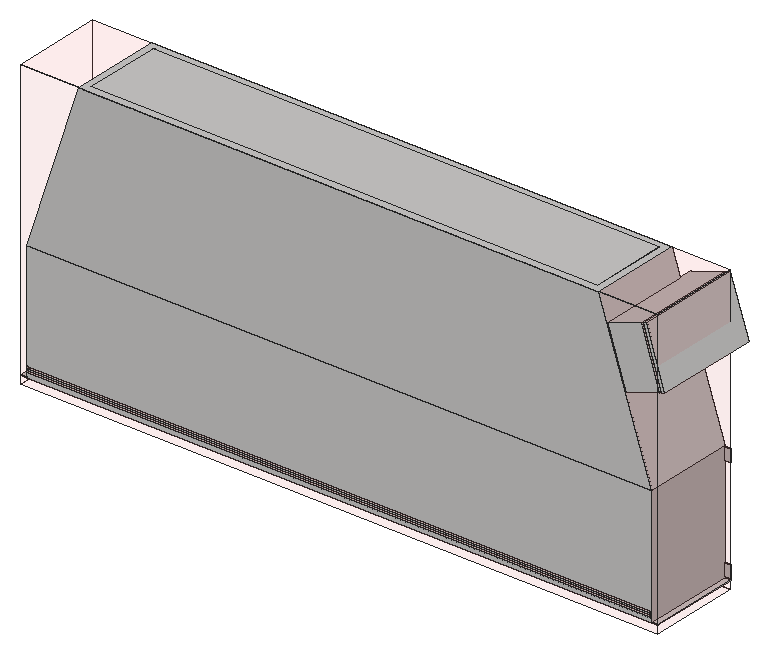
Revit family "Air-Curtain_Climate-Control_PoweredAire_TGD", category Mechanical Equipment, host Face, Revit 2018
Family settings
  Host = Face
  Round Connector Dimension = Use Diameter
  Part Type = Normal
  OmniClass Number = 23.75.35.17.21
  OmniClass Title = Air Curtains
  Cut with Voids When Loaded = No
  Shared = No
  Room Calculation Point = No
Parameters (values of type "144'' Nozzle")
  upperrotation [instance] = 0.00°
  lowerrotation [instance] = 0.00°
  locateupperpipe [instance] = 0' - 0"
  locatelowerpipe [instance] = 0' - 0"
  Warranty Duration (Years) = 0
  Unit Width Notes = "Other Widths available."  # constant formula
  Unit Width = 12' - 3 7/32"
  Unit Weight = 860
  Unit Height = 1' - 9"
  Unit Depth = 2' - 3 1/4"
  URL = "http://www.poweredaire.com/"
  Test Data = ""
  Standards Conformance = "Made in USA"
  Specification = "http://www.arcat.com/sdspecs/htm04/23_34_33pai.htm"
  SpecWizard = ""
  Sound Pressure = ">63 dBA"
  Sales Information = "http://www.poweredaire.com/contact_us"
  Revision = "R1_2016-08"
  Projection from Host [instance] = 0' - 2"
  Product Properties = ""
  Product Data = "http://www.arcat.com/arcatcos/cos47/arc47623.html"
  Power Rating = 0 W
  Piping_Water Flow [instance] = 0 GPM
  Piping_Operating Pressure [instance] = 0.00 psi
  Piping_Exit Temperature [instance] = 0 °F
  Piping_Entry Temperature [instance] = 0 °F
  Pipe OD [instance] = 5/8"
  Overall Depth = 5' - 4 1/4"
  Nozzle Width = if(1 = 1, Unit Width - 0' 3", 0' 0")  # 12' - 0 7/32"
  Mounting Width = if(1 = 1, Unit Width - 0' 1 1/2", 0' 0")  # 12' - 1 23/32"
  Mounting Height [instance] = 3' - 6"
  Motor RPM = 1630
  Motor HP = 0.75
  Motor Count = 4
  Model = "TDG-4-144"
  Max Height = 12' - 0"
  Manufacturer Website = "http://www.poweredaire.com/"
  Manufacturer Phone - Toll Free = "888-321-2473"
  Manufacturer Phone = "724-588-3305"
  Manufacturer Fax = "724-588-3371"
  Manufacturer Address = "109 Mortensen Rd.  Greenville, PA 16125"
  Manufacturer = "Powered Aire, Inc"
  Maintenance Schedule (Months) = 0
  Keynote = "23 34 33"
  Intake Width = 10' - 0"
  Installation-Fabrication = ""
  Installation Phase = ""
  Include Clearance [instance] = yes
  Heating Element Load = 0 W
  Filter Weight = 0
  Front Grating Material [instance] = Metal - Steel - PoweredAire - Stainless 304 Perforated
  HVAC_Temperature Rise = 105 °F
  HVAC_Primary CFM = 0 CFM
  HVAC_Outlet Volume = 10200 CFM
  HVAC_Outlet Velocity Uniformity = 0.95
  HVAC_Outlet Velocity = 3700 FPM
  HVAC_Exit Temperature [instance] = 0 °F
  HVAC_BTU Output = 1153000.0 Btu/h
  HVAC_BTU Input = 0.0 Btu/h
  Green Building-LEED = "http://www.arcat.com/green/clients/leed_data_47623.html"
  Gas Connection Diameter [instance] = 0"
  Frame Finish [instance] = Metal - Steel - PoweredAire - Stainless 304
  Expected Lifespan (Years) = 0
  Exhaust Connection Diameter = 0' - 5"
  Electrical_Wattage [instance] = Power Rating + Heating Element Load  # 0 W
  Electrical_Voltage [instance] = 0 V
  Electrical_Phase [instance] = 1
  Electrical_Frequency [instance] = 0 Hz
  Electrical_Amperage [instance] = 0 A
  Drawn By = "Sumex Design, Inc. / Robert S. Weygant, CSI, CDT, SCIP"
  Description = "Powered Aire Direct Gas Heated Climate Control Air Curtain - TDG-4-144 as Specified"
  Default Elevation = 0' - 0"  # constant formula
  Copyright = "©Arcat Inc."
  Construction Details = "http://www.arcat.com/details/powair/prod3336.html"
  Clearance_Top [instance] = 0' - 0"
  Clearance_Side B [instance] = 0' - 0"
  Clearance_Side A [instance] = 0' - 0"
  Clearance_Intake [instance] = 0' - 0"
  Clearance_Bottom [instance] = 0' - 0"
  Clearance Material [instance] = ARCAT Clearance
  Building Codes = ""
  Available Options [instance] = "as Specified"
  Assembly Code = "D3090400"
Types (7): name | Unit Width | Unit Weight | Nozzle Width | Mounting Width | Motor Count | Model | Intake Width | HVAC_Outlet Volume | HVAC_Outlet Velocity Uniformity | HVAC_Outlet Velocity | HVAC_BTU Output | Description
  144'' Nozzle | 12' - 3 7/32" | 860 | 12' - 0 7/32" | 12' - 1 23/32" | 4 | "TDG-4-144" | 10' - 0" | 10200 CFM | 0.95 | 3700 FPM | 1153000.0 Btu/h | "Powered Aire Direct Gas Heated Climate Control Air Curtain - TDG-4-144 as Specified"
  132'' Nozzle | 11' - 3 5/32" | 780 | 11' - 0 5/32" | 11' - 1 21/32" | 3 | "TDG-3-132" | 8' - 0" | 7600 CFM | 0.94 | 2800 FPM | 861000.0 Btu/h | "Powered Aire Direct Gas Heated Climate Control Air Curtain - TDG-3-132 as Specified"
  120'' Nozzle | 10' - 3 5/32" | 760 | 10' - 0 5/32" | 10' - 1 21/32" | 3 | "TDG-3-120" | 8' - 0" | 7600 CFM | 0.95 | 3200 FPM | 864000.0 Btu/h | "Powered Aire Direct Gas Heated Climate Control Air Curtain - TDG-3-120 as Specified"
  108'' Nozzle | 9' - 3 5/32" | 660 | 9' - 0 5/32" | 9' - 1 21/32" | 3 | "TDG-3-108" | 8' - 0" | 7600 CFM | 0.92 | 3700 FPM | 865000.0 Btu/h | "Powered Aire Direct Gas Heated Climate Control Air Curtain - TDG-3-108 as Specified"
  96'' Nozzle | 8' - 3 1/16" | 600 | 8' - 0 1/16" | 8' - 1 9/16" | 2 | "TDG-2-96" | 6' - 1" | 5100 CFM | 0.92 | 2800 FPM | 576000.0 Btu/h | "Powered Aire Direct Gas Heated Climate Control Air Curtain - TDG-2-96 as Specified"
  84'' Nozzle | 7' - 3 1/16" | 550 | 7' - 0 1/16" | 7' - 1 9/16" | 2 | "TDG-2-84" | 6' - 1" | 5100 CFM | 0.93 | 3200 FPM | 574000.0 Btu/h | "Powered Aire Direct Gas Heated Climate Control Air Curtain - TDG-2-84 as Specified"
  72'' Nozzle | 6' - 3 1/16" | 500 | 6' - 0 1/16" | 6' - 1 9/16" | 2 | "TDG-2-72" | 6' - 1" | 5100 CFM | 0.95 | 3700 FPM | 576000.0 Btu/h | "Powered Aire Direct Gas Heated Climate Control Air Curtain - TDG-2-72 as Specified"
Reference planes (in)
  plane 1 "Center (Elevation)": y = 0.13818
  plane 2: z = 0
  plane 3 "Center (Left/Right)": x = 0
  plane 4 "Top": y = 10.63818
  plane 5: y = -10.36182
  plane 6: x = -73.60937
  plane 7: x = 73.60938
  plane 8 "Front": z = 29.25
  plane 9 "FF": y = -41.86182
  plane 10: z = 2
  plane 11: x = 72.10938
  plane 12: x = -72.10937
  plane 13: y = 10.63818
  plane 14: y = -10.36182
  plane 15: x = -73.60937
  plane 16: x = 73.60938
  plane 17: z = 66.25
  plane 18: x = 72.04688
  plane 19: x = -72.04687
  plane 20: x = 72.10938
  plane 21: x = 72.10938
  plane 22: y = 8.13818
  plane 23: y = -7.86182
  plane 24: z = 66.25
  plane 25: x = -60
  plane 26: x = 60
Forms (in)
  Extrusion 1, solid, material "Metal - Steel - PoweredAire - Stainless 304" <- "Frame Finish"
    sketch origin (0, 0, 0) x (0, 1, 0) y (0, 0, 1)
      loop
        line (-10.36182, 2) -> (10.63818, 2) -> (10.63818, 29.25) -> (-10.36182, 29.25) -> (-10.36182, 2)
    from -72.10938 to 72.10938
  Extrusion 2, solid, material "ARCAT Clearance" <- "Clearance Material", visible <- "Include Clearance"
    sketch origin (0, 0, 0) x (0, 1, 0) y (0, 0, 1)
      loop
        line (-10.36182, 66.25) -> (-10.36182, 0) -> (10.63818, 0) -> (10.63818, 66.25) -> (-10.36182, 66.25)
    from -73.60937 to 73.60937
  Extrusion 3, solid, material "Metal - Steel - PoweredAire - Stainless 304" <- "Frame Finish"
    sketch origin (-15.17702, -180, 2) x (-1, 0, 0) y (0, -1, 0)
      loop
        line (-87.2864, -190.63818) -> (-87.2864, -169.63818) -> (-88.7864, -169.63818) -> (-88.7864, -190.63818) -> (-87.2864, -190.63818)
      loop
        line (56.93235, -190.63818) -> (58.43235, -190.63818) -> (58.43235, -169.63818) -> (56.93235, -169.63818) -> (56.93235, -190.63818)
    from 0 to 0.125
  Extrusion 4, solid, material "Metal - Steel - PoweredAire - Stainless 304" <- "Frame Finish"
    sketch origin (-11.83813, 10.63818, 48) x (-1, 0, 0) y (0, 0, 1)
      loop
        line (-83.9475, -45.5) -> (-83.9475, -42.75) -> (-85.4475, -42.75) -> (-85.4475, -45.5) -> (-83.9475, -45.5)
      loop
        line (-83.9475, -21.5) -> (-83.9475, -18.75) -> (-85.4475, -18.75) -> (-85.4475, -21.5) -> (-83.9475, -21.5)
      loop
        line (60.27125, -45.5) -> (61.77125, -45.5) -> (61.77125, -42.75) -> (60.27125, -42.75) -> (60.27125, -45.5)
      loop
        line (60.27125, -21.5) -> (61.77125, -21.5) -> (61.77125, -18.75) -> (60.27125, -18.75) -> (60.27125, -21.5)
    from 0 to -0.125
  Extrusion 5, void
    sketch origin (0, 0, 0) x (0, 1, 0) y (0, 0, 1)
      loop
        line (-10.36182, 3) -> (-9.36182, 3) -> (-9.36182, 4.5) -> (-10.36182, 4.5) -> (-10.36182, 3.82425) -> (-9.50864, 3.82425) -> (-9.50864, 3.57425) -> (-10.36182, 3.57425) -> (-10.36182, 3)
    from -72.04687 to 72.04688
  Extrusion 6, solid, material "Metal - Steel - PoweredAire - Stainless 304" <- "Frame Finish"
    sketch origin (0, 0.13818, 0) x (1, 0, 0) y (0, 0, 1)
      loop
        line (-72.10937, 29.25) -> (72.10938, 29.25) -> (60, 66.25) -> (-60, 66.25) -> (-72.10937, 29.25)
    from -10.5 to 10.5
  Extrusion 7, solid, material "Metal - Steel - PoweredAire - Stainless 304 Perforated" <- "Front Grating Material"
    sketch origin (-60, 0.13818, 66.25) x (1, 0, 0) y (0, 1, 0)
      loop
        line (1.5, 9) -> (1.5, -9) -> (118.5, -9) -> (118.5, 9) -> (1.5, 9)
    from 0 to 0.03125
  Extrusion 8, solid, material "Metal - Steel - PoweredAire - Stainless 304" <- "Frame Finish"
    sketch origin (60, 0.13818, 66.25) x (0.311046, 0, -0.950395) y (0, 1, 0)
      loop
        line (6, -10.5) -> (19.60097, -10.5) -> (19.60097, 13.5) -> (6, 13.5) -> (6, -10.5)
    from 0 to 9.625
  Sweep 9, void
    path in 3D
      loop
        line (71.01383, -10.36182, 63.54144) -> (75.24435, -10.36182, 50.61515) -> (75.24435, 13.63818, 50.61515) -> (71.01383, 13.63818, 63.54144) -> (71.01383, -10.36182, 63.54144)
    profile origin (71.01383, 1.63818, 63.54144) x (0.311046, 0, -0.950395) y (0.950395, 0, 0.311046)
      loop
        line (0, -0.75) -> (0, -1.25) -> (0.25, -1.25) -> (0.25, -0.75) -> (0, -0.75)
Cuts and joins
  Extrusion 5 cuts Extrusion 1
  Sweep 9 cuts Extrusion 8
Lines and regions (in)
  sketch lines
    curve 1: line (71.01383, 13.63818, 63.54144) -> (71.01383, -10.36182, 63.54144)
    curve 2: line (75.24435, 13.63818, 50.61515) -> (71.01383, 13.63818, 63.54144)
    curve 3: line (71.01383, -10.36182, 63.54144) -> (75.24435, -10.36182, 50.61515)
    curve 4: line (75.24435, -10.36182, 50.61515) -> (75.24435, 13.63818, 50.61515)
Dimensions and locks (in)
  equal spacing: plane 4 "Top", plane 1 "Center (Elevation)", plane 5
  "Unit Height": plane 4 "Top" to plane 5
  equal spacing: plane 6, plane 3 "Center (Left/Right)", plane 7
  "Unit Width": plane 6 to plane 7
  "Mounting Height": plane 1 "Center (Elevation)" to plane 9 "FF"
  "Projection from Host": plane 10 to level
  "Unit Depth": plane 8 "Front" to plane 10
  locked: plane 6 to plane 12 at 1.5
  locked: plane 11 to plane 7 at 1.5
  "Clearance_Side A": plane 7 to plane 16
  "Clearance_Side B": plane 15 to plane 6
  "Clearance_Top": plane 13 to plane 4 "Top"
  "Clearance_Bottom": plane 5 to plane 14
  "Clearance_Intake": plane 17 to plane 24
  Extrusion 5 sketch curve to Extrusion 5 sketch curve to Extrusion 5 sketch curve to Extrusion 5 sketch curve to plane 10 = 0' - 0.67575" locked, 0' - 0 1/4" locked, 0' - 0.57425" locked, 0' - 1" locked
  plane 5 to Extrusion 5 sketch curve to Extrusion 5 sketch curve = 0' - 0.85319" locked, 0' - 0.14681" locked
  locked: plane 19 to plane 12 at 0.0625
  locked: plane 11 to plane 18 at 0.0625
  "locateupperpipe": plane 20 to plane 11
  "locatelowerpipe": plane 21 to plane 11
  locked: plane 4 "Top" to plane 22 at 2.5
  locked: plane 23 to plane 5 at 2.5
  "Overall Depth": plane 24 to plane 10
  Extrusion 4 sketch curve to Extrusion 4 sketch curve to plane 10 = 0' - 2 3/4" locked, 0' - 0 1/2" locked  (x2)
  plane 8 "Front" to Extrusion 4 sketch curve to Extrusion 4 sketch curve = 0' - 0" locked, 0' - 2 3/4" locked  (x2)
  equal spacing: plane 25, plane 3 "Center (Left/Right)", plane 26
  "Intake Width": plane 25 to plane 26
  locked: plane 4 "Top" to Extrusion 7 sketch curve at 1.5
  locked: Extrusion 7 sketch curve to plane 5 at 1.5
  locked: plane 25 to Extrusion 7 sketch curve at 1.5
  locked: Extrusion 7 sketch curve to plane 26 at 1.5
  aligned and locked: plane 2 to host face
  aligned and locked: level to host face
  aligned and locked: Extrusion 2 sketch curve to plane 17
  aligned and locked: plane 14 to Extrusion 2 sketch curve
  aligned and locked: level to Extrusion 2 sketch curve
  aligned and locked: Extrusion 2 sketch curve to plane 13
  aligned and locked: plane 16 to Extrusion 2
  aligned and locked: Extrusion 2 to plane 15
  aligned and locked: plane 11 to Extrusion 1
  aligned and locked: Extrusion 1 to plane 12
  aligned and locked: Extrusion 1 sketch curve to plane 8 "Front"
  aligned and locked: plane 18 to cut or joined group of Extrusion 1, Extrusion 5
  aligned and locked: cut or joined group of Extrusion 1, Extrusion 5 to plane 19
  aligned and locked: Extrusion 6 sketch curve to plane 8 "Front"
  aligned and locked: plane 21 to Extrusion 6 sketch curve
  aligned and locked: plane 12 to Extrusion 6 sketch curve
  aligned and locked: Extrusion 6 sketch curve to plane 24
  aligned and locked: plane 25 to Extrusion 6 sketch curve
  aligned and locked: plane 26 to Extrusion 6 sketch curve
  aligned and locked: plane 4 "Top" to Extrusion 6
  aligned and locked: Extrusion 6 to plane 5
Automatic sketch dimensions
  host sketch curve to host sketch curve = 8' - 0"  (x2)
  plane 4 "Top" to Extrusion 3 sketch curve = 0' - 0"
  Extrusion 3 sketch curve to plane 7 = 0' - 0"
  plane 5 to Extrusion 3 sketch curve = 0' - 0"
  Extrusion 3 sketch curve to plane 11 = 0' - 0"
  Extrusion 3 sketch curve to plane 4 "Top" = 0' - 0"
  Extrusion 3 sketch curve to plane 12 = 0' - 0"
  Extrusion 3 sketch curve to plane 6 = 0' - 0"
  Extrusion 3 sketch curve to plane 5 = 0' - 0"
  Extrusion 4 sketch curve to plane 7 = 0' - 0"  (x2)
  Extrusion 4 sketch curve to plane 11 = 0' - 0"  (x2)
  Extrusion 4 sketch curve to plane 12 = 0' - 0"  (x2)
  Extrusion 4 sketch curve to plane 6 = 0' - 0"  (x2)
  Extrusion 5 sketch curve to plane 5 = 0' - 0"  (x2)
  Extrusion 1 sketch curve to plane 5 = 0' - 0"
  Extrusion 1 sketch curve to plane 4 "Top" = 0' - 0"
  Extrusion 1 sketch curve to plane 10 = 0' - 0"
  Extrusion 8 sketch curve to Extrusion 6 = 0' - 3"
  Extrusion 6 to Extrusion 8 sketch curve = 1' - 7.33021"
  Extrusion 8 sketch curve to Extrusion 6 = 0' - 0"
  Extrusion 8 sketch curve to Extrusion 6 = 0' - 6"
  profile plane to Sweep 9 sketch curve = 0' - 0"
  Sweep 9 sketch curve to profile plane = 0' - 0 3/4"
  Sweep 9 sketch curve to Sweep 9 sketch curve = 0' - 0 1/2"
  Sweep 9 sketch curve to Sweep 9 sketch curve = 0' - 0 1/4"
Connectors (in)
  electrical at (-72.10937, 0.13818, 15.625), driven by "Electrical_Voltage", driven by "Electrical_Phase"
    settings: on cut or joined group of Extrusion 1, Extrusion 5, index 3, voltage 0 V, apparent load 0 VA, apparent load phase1 0 VA, apparent load phase2 0 VA, apparent load phase3 0 VA, power factor 1, load classification "Motor", number of poles 1, system type 31, power factor state 1, is connector primary yes, connector utility no, sub classification motor no, connector description ""
